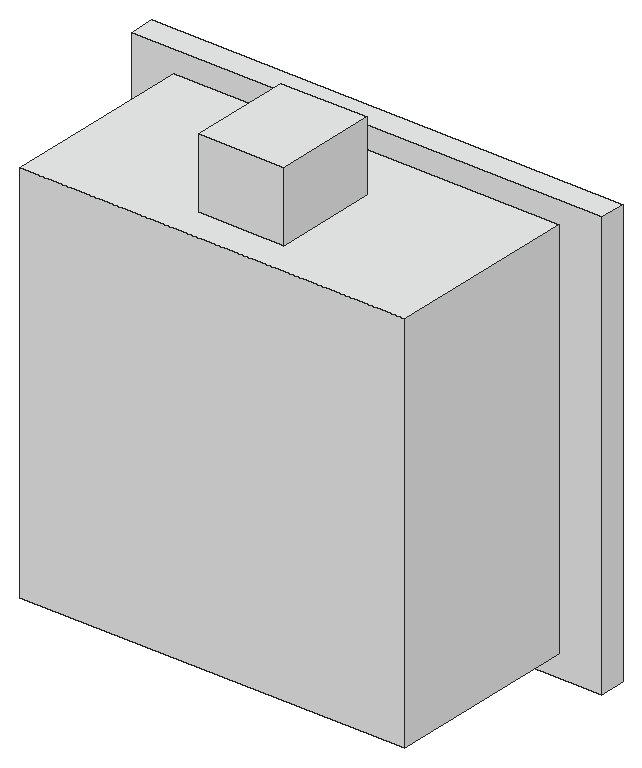
Revit family "798500001_Válvula Duplex", category Plumbing Fixtures, host Wall, Revit 2019
Family settings
  Host = Wall
  Round Connector Dimension = Use Diameter
  Part Type = Normal
  OmniClass Number = 23.45.55.11
  OmniClass Title = Sanitary Components
  Always vertical = Yes
  Cut with Voids When Loaded = No
  Shared = No
  Room Calculation Point = No
Parameters (values of type "Type 1")
  URL = "https://corona.co/productos/griferias/griferias-institucionales/valvula-duplex/p/798500001"
  Temperatura de uso = "5º C a 75º C (41º F y 167º F)"  # constant formula
  Profundidad = 102 mm
  Presion maxima = "35 - 80 PSI"  # constant formula
  Peso Neto aprox = "2,7 kgs. - 5,9 lbs"  # constant formula
  Peso Bruto aprox = "3,1 kgs. - 6,8 lbs"  # constant formula
  Material = Corona_Acero
  Garantía = "1 año"  # constant formula
  Fecha de creación = "30/07/2020"  # constant formula
  Fabricante = "Corona"  # constant formula
  Dimensiones generales producto (H * W * D) = "220 x 220 x 102 mms.\r\n· (H*L*W): 8,7 x 8,7 x 4 pulgs."  # constant formula
  Creado por = "IDD"  # constant formula
  Ancho = 220 mm
  Alto = 222.582 mm
Reference planes
  plane 1: y = 0
  plane 2 "Center (Left/Right)": x = 125
  plane 3 "Back": y = 75
  plane 4: y = 75
  plane 5: y = 87
  plane 6: x = 15
  plane 7: x = 235
  plane 8: x = 35
  plane 9: x = 215
  plane 10: y = -15
  plane 11: z = 1100
  plane 12: z = 1300
  plane 13: z = 1290
  plane 14: z = 1110
  plane 15: z = 1322.582
Forms (mm)
  Extrusion 1, solid, material "Corona_Acero"
    sketch origin (0, 75, 0) x (1, 0, 0) y (0, 0, 1)
      loop
        line (235, 1300) -> (15, 1300) -> (15, 1100) -> (235, 1100) -> (235, 1300)
      loop
        line (198.172, 1247.02) -> (53.172, 1247.02) -> (53.172, 1237.02) -> (198.172, 1237.02) -> (198.172, 1247.02)
      loop
        line (198.172, 1229.844) -> (53.172, 1229.844) -> (53.172, 1219.871) -> (198.172, 1219.871) -> (198.172, 1229.844)
      loop
        line (142.087, 1182.749) -> (109.169, 1182.749) -> (109.169, 1149.28) -> (142.087, 1149.28) -> (142.087, 1182.749)
      loop
        line (141.087, 1181.749) -> (110.169, 1181.749) -> (110.169, 1150.28) -> (141.087, 1150.28) -> (141.087, 1181.749)
    from -12 to 0
  Extrusion 2, solid, material "Corona_Acero"
    sketch origin (0, 0, 0) x (1, 0, 0) y (0, 1, 0)
      loop
        line (35, 75) -> (35, -15) -> (215, -15) -> (215, 75) -> (35, 75)
    from 1110 to 1290
  Extrusion 3, solid, material "Corona_Acero"
    sketch origin (0, 75, 0) x (1, 0, 0) y (0, 0, 1)
      loop
        line (146.293, 1290) -> (146.293, 1322.582) -> (106.293, 1322.582) -> (106.293, 1290) -> (146.293, 1290)
    from 26.597 to 75
  Extrusion 4, solid, material "Cubo", detail levels coarse
    sketch origin (0, 0, 0) x (1, 0, 0) y (0, 1, 0)
      loop
        line (15, 87) -> (15, -15) -> (235, -15) -> (235, 87) -> (15, 87)
    from 1100 to 1323.318
Text (mm)
  text "Placement side" at (-1787.139, 592.35, 0), in view "Ref. Level"
  text "Placement side" at (0, 1827.695, 2917.686), in view "Left"
  text "Placement side" at (0, 562.268, 3853.606), in view "Right"
Dimensions and locks
  locked: plane 3 "Back" to host wall at 0
  "Ancho": plane 6 to plane 7
  equal spacing: plane 6, plane 2 "Center (Left/Right)", plane 7
  plane 10 to plane 3 "Back" = 90 mm
  plane 5 to plane 4 = 12 mm
  level to plane 11 = 1100 mm
  plane 11 to plane 12 = 200 mm
  plane 7 to plane 6 = 220 mm
  "Alto": plane 11 to plane 15
  "Profundidad": plane 5 to plane 10
  aligned and locked: host wall to plane 1
Automatic sketch dimensions
  Extrusion 1 sketch curve to plane 6 = 0 mm
  Extrusion 1 sketch curve to plane 7 = 0 mm
  Extrusion 1 sketch curve to plane 11 = 0 mm
  Extrusion 1 sketch curve to plane 12 = 0 mm
  plane 8 to Extrusion 1 sketch curve = 18.172 mm
  Extrusion 1 sketch curve to Extrusion 1 sketch curve = 0 mm  (x2)
  Extrusion 1 sketch curve to plane 2 "Center (Left/Right)" = 15.831 mm
  plane 2 "Center (Left/Right)" to Extrusion 1 sketch curve = 17.087 mm
  Extrusion 1 sketch curve to plane 9 = 16.828 mm
  plane 11 to Extrusion 1 sketch curve = 49.28 mm
  Extrusion 1 sketch curve to Extrusion 1 sketch curve = 33.469 mm
  Extrusion 1 sketch curve to Extrusion 1 sketch curve = 37.122 mm
  Extrusion 1 sketch curve to Extrusion 1 sketch curve = 9.973 mm
  Extrusion 1 sketch curve to Extrusion 1 sketch curve = 7.176 mm
  Extrusion 1 sketch curve to Extrusion 1 sketch curve = 10 mm
  Extrusion 1 sketch curve to Extrusion 1 sketch curve = 1 mm  (x4)
  Extrusion 2 sketch curve to plane 8 = 0 mm
  Extrusion 2 sketch curve to plane 9 = 0 mm
  Extrusion 2 sketch curve to plane 10 = 0 mm
  Extrusion 2 sketch curve to host wall = 0 mm
  Extrusion 3 sketch curve to plane 12 = 10 mm
  Extrusion 3 sketch curve to plane 2 "Center (Left/Right)" = 18.707 mm
  plane 2 "Center (Left/Right)" to Extrusion 3 sketch curve = 21.293 mm
  plane 12 to Extrusion 3 sketch curve = 22.582 mm
  Extrusion 4 sketch curve to plane 6 = 0 mm
  Extrusion 4 sketch curve to plane 7 = 0 mm
  Extrusion 4 sketch curve to plane 10 = 0 mm
  Extrusion 4 sketch curve to plane 5 = 0 mm
Nested families
  nested 1: "Family2" at (235, 75, 1100) x (1, 0, 0) z (0, -1, 0), type "Family2", detail levels coarse
  nested 2: "Family3" at (125, 75, 1100) x (0, 1, 0) z (1, 0, 0), type "Family3", detail levels coarse
Definition of nested family "Family2"
  Reference planes
    plane 1 "Center (Front/Back)": y = 0
    plane 2: z = 0
    plane 3 "Center (Left/Right)": x = 0
  Lines and regions (mm)
    detail lines, in view "Ref. Level"
      curve 1: line (0, 0, 0) -> (-220, 0, 0)
      curve 2: line (-220, 0, 0) -> (-220, 200, 0)
      curve 3: line (-220, 200, 0) -> (0, 200, 0)
      curve 4: line (0, 200, 0) -> (0, 0, 0)
      curve 5: line (-180.642, 146.116, 0) -> (-35.642, 146.116, 0)
      curve 6: line (-180.642, 136.116, 0) -> (-180.642, 146.116, 0)
      curve 7: line (-35.642, 136.116, 0) -> (-180.642, 136.116, 0)
      curve 8: line (-35.642, 146.116, 0) -> (-35.642, 136.116, 0)
      curve 9: line (-180.642, 127.611, 0) -> (-35.642, 127.611, 0)
      curve 10: line (-180.642, 116.334, 0) -> (-180.642, 127.611, 0)
      curve 11: line (-35.642, 116.334, 0) -> (-180.642, 116.334, 0)
      curve 12: line (-35.642, 127.611, 0) -> (-35.642, 116.334, 0)
      curve 13: line (-124.258, 81.347, 0) -> (-91.874, 81.347, 0)
      curve 14: line (-124.258, 48.674, 0) -> (-124.258, 81.347, 0)
      curve 15: line (-91.874, 48.674, 0) -> (-124.258, 48.674, 0)
      curve 16: line (-91.874, 81.347, 0) -> (-91.874, 48.674, 0)
      curve 17: line (-129.174, 223.318, 0) -> (-86.958, 223.318, 0)
      curve 18: line (-129.174, 200, 0) -> (-129.174, 223.318, 0)
      curve 19: line (-86.958, 200, 0) -> (-129.174, 200, 0)
      curve 20: line (-86.958, 223.318, 0) -> (-86.958, 200, 0)
  Text (mm)
    text "CORONA" at (-123.001, 35.726, 0), in view "Ref. Level"
Definition of nested family "Family3"
  Reference planes
    plane 1 "Center (Front/Back)": y = 0
    plane 2: z = 0
    plane 3 "Center (Left/Right)": x = 0
  Lines and regions (mm)
    detail lines, in view "Ref. Level"
      curve 1: line (0, 0, 0) -> (0, 200, 0)
      curve 2: line (12, 0, 0) -> (12, 200, 0)
      curve 3: line (0, 200, 0) -> (12, 200, 0)
      curve 4: line (12, 0, 0) -> (0, 0, 0)
      curve 5: line (0, 190, 0) -> (-90, 190, 0)
      curve 6: line (0, 10, 0) -> (-90, 10, 0)
      curve 7: line (-90, 10, 0) -> (-90, 190, 0)
      curve 8: line (-78.444, 225.148, 0) -> (-27.112, 225.148, 0)
      curve 9: line (-78.444, 190, 0) -> (-78.444, 225.148, 0)
      curve 10: line (-27.112, 190, 0) -> (-78.444, 190, 0)
      curve 11: line (-27.112, 225.148, 0) -> (-27.112, 190, 0)
